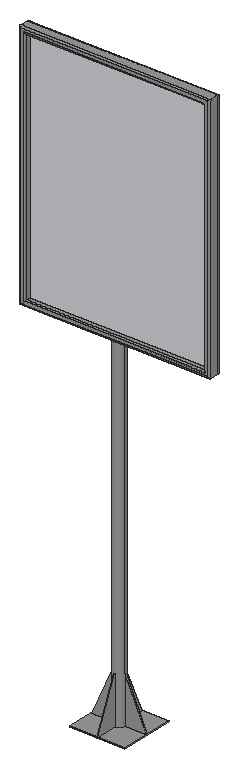
Revit family "9615 Информационная табличка «Пикник» Хоббика", category Антураж, Revit 2018
Family settings
  На основе рабочей плоскости = Нет
  Всегда вертикально = Да
  При загрузке вырезать с полостями = Нет
  Источник визуального образа = Геометрия семейства
  Общий = Нет
  Точка расчета площади = Нет
Parameters (values of type "Информационная табличка «Пикник»")
  Ширина = 40 mm  # constant formula
  Цвет каркаса = Сталь
  Описание = "Информационная табличка «Пикник»"  # constant formula
  Материал изделия = "Сталь"  # constant formula
  Изображение типоразмера = Информационная табличка «Пикник» Арт 9615.jpg
  Изготовитель = "ООО «Хоббика»"  # constant formula
  Длина = 640 mm  # constant formula
  Группа модели = "Стенды и указатели"  # constant formula
  Высота = 2000 mm  # constant formula
  Артикул товара = "Арт. 9615"  # constant formula
  URL = "https://hobbyka.ru/product/informatsionnaya_tablichka_piknik/"
Reference planes
  plane 1 "По центру (Вперед/Назад)": y = 0
  plane 2: z = 0
  plane 3 "По центру (Влево/Вправо)": x = 0
  plane 4: x = 640
  plane 5: y = 40
  plane 6: z = 2000
Forms (mm)
  Sweep 1, solid, material "Сталь" <- "Цвет каркаса"
    path origin (0, 0, 0) x (1, 0, 0) y (0, 0, 1)
      loop
        line (20, 1980) -> (20, 1180) -> (620, 1180) -> (620, 1980) -> (20, 1980)
    profile origin (320, 0, 1980) x (0, 0, 1) y (0, -1, 0)
      loop
        line (20, -35) -> (20, -5)
        arc (20, -5) -> (18.536, -1.464) -> (15, 0) r 5
        line (15, 0) -> (5, 0)
        arc (5, 0) -> (1.464, -1.464) -> (0, -5) r 5
        line (0, -5) -> (0, -35)
        arc (0, -35) -> (1.464, -38.536) -> (5, -40) r 5
        line (5, -40) -> (15, -40)
        arc (15, -40) -> (18.536, -38.536) -> (20, -35) r 5
  Extrusion 2, solid, material "Сталь" <- "Цвет каркаса"
    sketch origin (0, 0, 0) x (1, 0, 0) y (0, 1, 0)
      loop
        circle (320, 20) r 20
    from 0 to 1160
  Extrusion 3, solid, material "Сталь" <- "Цвет каркаса"
    sketch origin (0, 0, 0) x (1, 0, 0) y (0, 0, 1)
      loop
        line (227.585, 0) -> (412.415, 0) -> (320, 205.366) -> (227.585, 0)
    from -18.5 to -21.5
  Extrusion 4, solid, material "Сталь" <- "Цвет каркаса"
    sketch origin (340, -300, 0) x (0, 1, 0) y (0, 0, 1)
      loop
        line (227.585, 0) -> (412.415, 0) -> (320, 205.366) -> (227.585, 0)
    from -18.5 to -21.5
  Extrusion 5, solid, material "Сталь" <- "Цвет каркаса"
    sketch origin (0, 0, 0) x (1, 0, 0) y (0, 1, 0)
      loop
        line (227.585, 112.415) -> (227.585, -72.415) -> (412.415, -72.415) -> (412.415, 112.415) -> (227.585, 112.415)
    from 0 to 2
  Extrusion 6, solid
    sketch origin (0, 0, 0) x (1, 0, 0) y (0, 0, 1)
      loop
        line (20.068, 1979.933) -> (20.068, 1180.067) -> (619.932, 1180.067) -> (619.932, 1979.933) -> (20.068, 1979.933)
    from -18.5 to -21.5
Cuts and joins
  joined: Extrusion 2, Extrusion 3, Extrusion 4
Dimensions and locks
  "Длина": plane 4 to plane 3 "По центру (Влево/Вправо)"
  "Ширина": plane 5 to plane 1 "По центру (Вперед/Назад)"
  "Высота": plane 6 to plane 2
  aligned and locked: level to plane 2
Automatic sketch dimensions
  plane 3 "По центру (Влево/Вправо)" to Sweep 1 sketch curve = 20 mm
  Sweep 1 sketch curve to plane 4 = 20 mm
  Sweep 1 sketch curve to plane 6 = 820 mm
  Sweep 1 sketch curve to plane 6 = 20 mm
  profile plane to Sweep 1 sketch curve = 0 mm
  Sweep 1 sketch curve to plane 1 "По центру (Вперед/Назад)" = 0 mm
  Sweep 1 sketch curve to Sweep 1 sketch curve = 5 mm
  Sweep 1 sketch curve to profile plane = 5 mm
  Sweep 1 sketch curve to Sweep 1 sketch curve = 10 mm  (x2)
  Sweep 1 sketch curve to plane 1 "По центру (Вперед/Назад)" = 5 mm
  Sweep 1 sketch curve to Sweep 1 sketch curve = 30 mm
  Extrusion 2 sketch curve to plane 1 "По центру (Вперед/Назад)" = 20 mm
  plane 3 "По центру (Влево/Вправо)" to Extrusion 2 sketch curve = 320 mm
  Extrusion 3 sketch curve to level = 0 mm
  plane 3 "По центру (Влево/Вправо)" to Extrusion 3 sketch curve = 227.585 mm
  Extrusion 3 sketch curve to Extrusion 3 sketch curve = 92.415 mm
  Extrusion 3 sketch curve to Extrusion 3 sketch curve = 184.829 mm
  level to Extrusion 3 sketch curve = 205.366 mm
  Extrusion 4 sketch curve to level = 0 mm
  plane 1 "По центру (Вперед/Назад)" to Extrusion 4 sketch curve = 72.415 mm
  Extrusion 4 sketch curve to plane 1 "По центру (Вперед/Назад)" = 20 mm
  plane 5 to Extrusion 4 sketch curve = 72.415 mm
  level to Extrusion 4 sketch curve = 205.366 mm
  plane 1 "По центру (Вперед/Назад)" to Extrusion 5 sketch curve = 72.415 mm
  plane 3 "По центру (Влево/Вправо)" to Extrusion 5 sketch curve = 227.585 mm
  Extrusion 5 sketch curve to Extrusion 5 sketch curve = 184.829 mm
  plane 5 to Extrusion 5 sketch curve = 72.415 mm
  plane 3 "По центру (Влево/Вправо)" to Extrusion 6 sketch curve = 20.068 mm
  Extrusion 6 sketch curve to plane 4 = 20.068 mm
  Extrusion 6 sketch curve to plane 6 = 819.933 mm
  Extrusion 6 sketch curve to plane 6 = 20.067 mm
  radius of Extrusion 2 sketch curve = 20 mm
